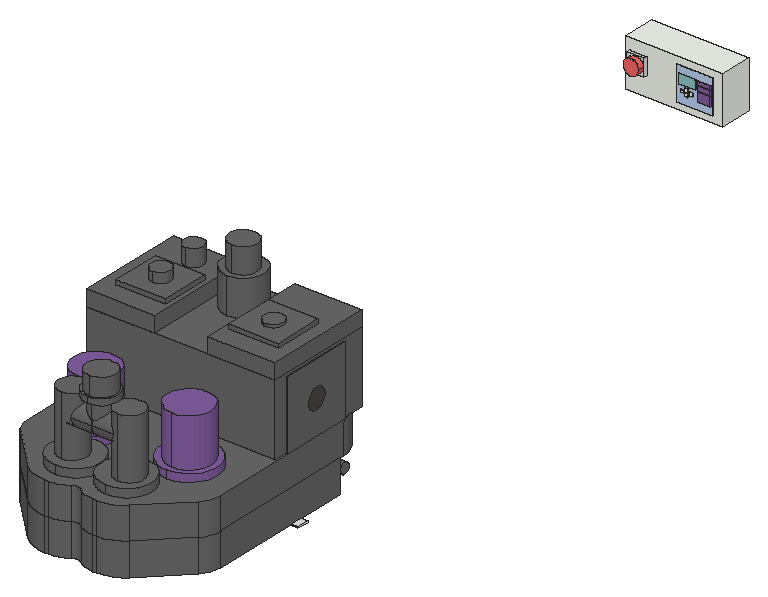
Revit family "11019", category Generic Models, Revit 2021
Family settings
  Can host rebar = No
  Round Connector Dimension = Use Diameter
  Part Type = Normal
  Work Plane-Based = No
  Always vertical = Yes
  Cut with Voids When Loaded = No
  Shared = Yes
  Room Calculation Point = No
Parameters (values of type "11019")
  SUPPLIER = "KESSEL"
  SA700ID49 = "Protection Class I"
  SA700ID48 = "no"
  SA700ID47 = "no"
  SA700ID46 = "yes"
  SA700ID37 = 8000 mm
  SA700ID34 = 40
  SA700ID33 = 1.4 W
  SA700ID32 = 97.13 kg
  SA700ID31 = 1
  SA700ID30 = 2
  SA700ID29 = "RWDR"
  SA700ID21 = 800
  SA700ID10 = "yes"
  SA700ID08 = 400 V
  PROCUREWEBLINK = "https://p.caden.as/kessel/11019"
  PROCURELINK = "p.caden.as/kessel/11019"
  PROCUREDATALASTUPDATE = "2024-05-22T12:18:06.762105526+01:00"
  PREVIEW = "../../_pool_/aa/90/11019.png"
  PRC_SPECIFICATIONLINK = "https://ausschreiben.de/catalog/kessel/catalogItem/d2c9b04f-5afa-486e-87af-fa0d90a2dfa4"
  NN = "Lifting station Aqualift F XL"
  NBSYN = "$SA810ID03."
  NB = "11019"
  Model = "11019"
  Manufacturer = "KESSEL"
  MIdent = "{$CADENAS_DATA/23d-libs/kessel/kessel_vdi_import/4/entwaesserung/hebeanlage20aqualift20f20xl.prj},201 {STYP=ASS},{VTYP=3D},{NB=11019},{LINA=11019},{NN=Lifting station Aqualift F XL},{DATE=21.11.2022 10:48:11},{GEOMDATE=21.11.2022 10:48:11},{VERSION=},{LINEID=140},{WBVAR=LODLEVEL},{WBNUMERIC=LODLEVEL}  {NB=11019},{LINA=11019},{KT=DUMMY},{PREVIEW=../../_pool_/aa/90/11019.png},{SA700ID04=Hebeanlage Aqualift F XL 200 l, Duo, SPF 1500-S3},{SA810ID06=04026092056868},{SA700ID34=40.00},{SA010ID03=201805},{SA810ID03=11019},{SA810ID10=Aqualift F XL 1500W-S3 Duo 200L o.S.KESSEL Aqualift F XL Hebeanlage für fäkalienhaltiges und fäkalienfreies Abwasser. Zur Aufstellung in frostgeschützten Räumen.Duoanlage mit zwei Pumpen des Typs SPF 1500-S3 Sammelbehälter aus Polyethylen, mit verschraubter Reinigungsöffnung,Anschlussstutzen für Zulauf von oben DN100/150.Inklusive Tauchrohr zur pneumatischen Niveauerfassung,Entlüftungsanschluss DN 70 und Anschluss für eine Handmembranpumpe DN 32.Behälter inklusive Haltewinkel zur Auftriebssicherung.Behältervolumen 200 Liter, max. Nutzvolumen bei Zulauf von oben ca. 120 Liter.Zwei seitliche und zwei rückseitige Anbohrflächen zur Montage weiterer Zuläufe bis DN 200 unter Verwendung von Durchgangsdichtungen.Inklusive KESSEL Schaltgerät Aqualift Comfort 400 V.Anwenderfreundliche Menüführung im mehrzeiligem Display. MitSelbstdiagnosesystem (SDS) und Erinnerungsfunktion für nächste Wartung.Anzeige der aktuellen Messwerte. Einfache Einstellung derfunktionsrelevanten Parameter, inklusive Betriebsstundenzähler und potentialfreiem Kontakt. Optionale Weiterleitung von Alarm- und Sammelstörmeldung über GSM Schnittstelle.Schaltgerät mit Volltextanzeige in sechs Sprachen.Abwasserpumpe(n) mit Freistromrad zur Förderung von fäkalienfreiem und fäkalienhaltigem Abwasser gemäß DIN EN 12050-1. Freier Kugeldurchgang mindestens 40 mm. Pumpe(n) überflutungssicher. Inklusive Rückflussverhinderer, mit Druckabgang aus Kunststoff DN 100. Ohne Absperrschieber.Pumpe(n) Typ SPF 1500-S3Fördermenge: max. 40 m³/hFörderhöhe: max. 8 mNennleistung (P2): 1,1 KW je PumpeAufnahmeleistung (P1): 1,4 KW je PumpeBetriebsspannung: 400 V DSNennfrequenz: 50 HzNennstrom: 2,7 AAbsicherung: 3 x 16 A trägeSchutzart (Pumpe): IP68 3mWS/48hSchutzart (Schaltgerät): IP 54Bertiebsart: S3 (50 % Einschaltdauer)Kabellänge: 5 mAußenmaße Anlage mit 200 Liter Behälter (BxTxH): 760 x 980 x 770 mmGewicht ca. 97,13 kg},{SA700ID37=8.00},{SA700ID33=1.40},{SA700ID08=400},{SA700ID30=2},{SA700ID32=97.13},{SA700ID49=Schutzklasse I},{SA700ID50=intern},{SA200ID03=6},{SA250ID03=vertikal},{SA260ID03=Trockenläuferpumpe},{SA350ID03=normalansaugend},{SA400ID03=E-Motor für Drehstrom},{SA460ID03=direkt},{SA500ID03=Kunststoff, Edelstahl},{SA700ID06=100},{SA700ID07=100},{SA700ID09=3/N/PE 400V},{SA700ID10=Ja},{SA700ID11=50},{SA700ID12=IP 68},{SA700ID13=F},{SA700ID15=40},{SA700ID21=800.00},{SA700ID22=1.10},{SA700ID23=1415},{SA700ID24=1415},{SA700ID26=2.70},{SA700ID27=21.00},{SA700ID28=durchgehend},{SA700ID29=RWDR},{SA700ID31=1},{SA700ID46=ja},{SA700ID47=nein},{SA700ID48=nein},{SA110ID04=Hebeanlage Aqualift F XL},{SA300ID03=einstufig},{SA700ID44=10.00},{SA700ID45=10.00},{SA010ID04=KESSEL AG},{LODLEVEL=200},{LINK=https://www.kessel.de/info?han=11019},{SA970ID01=970},{SA970ID02=7126},{SA970ID03=11019},{SA970ID04=11002617},{SA970ID05=QUAD},{SA970ID06=-410},{SA970ID07=-850},{SA970ID08=0},{SA970ID09=1},{SA970ID10=0},{SA970ID11=0},{SA970ID12=0},{SA970ID13=1},{SA970ID14=0},{SA970ID15=820},{SA970ID16=980},{SA970ID17=771},{LODLEVEL_=200,'Low'},{LODLEVEL_DEU=200,'Low'},{LINK_=https://www.kessel.de/info?han=11019},{LINK_DEU=https://www.kessel.de/info?han=11019},{LODLEVEL_3DB=11019_200},{DNIN1=100},{DNIN2=70},{DNIN4=10},{DNIN5=10},{DNIN6=50},{DNIN7=50},{DNIN8=50},{DNIN9=50},{DNOUT1=32},{DNOUT2=100},{DNOUT3=70},{ISD1=96},{ISD2=10},{ISDOUT1=40},{ISDOUT2=70},{ISDOUT3=MIN},{SA010ID01=010},{SA010ID02=4},{SA010ID06=www.kessel.de},{SA010ID07=www.kessel.de},{SA010ID12=20180713},{SA010ID13=DEU},{SA010ID14=DE},{SA100ID01=100},{SA100ID02=4},{SA100ID04=Entwässerung},{SA110ID01=110},{SA110ID02=6},{SA200ID01=200},{SA200ID02=6},{SA250ID01=250},{SA250ID02=2},{SA260ID01=260},{SA260ID02=2},{SA300ID01=300},{SA300ID02=1},{SA350ID01=350},{SA350ID02=1},{SA400ID01=400},{SA400ID02=2},{SA460ID01=460},{SA460ID02=1},{SA500ID01=500},{SA500ID02=1},{SA700ID01=700},{SA700ID02=44},{SA700ID10_=1},{SA700ID16=0},{SA700ID25=0},{SA700ID46_=1},{SA700ID47_=0},{SA700ID48_=0},{SA700ID49_=1},{SA700ID50_=2},{SA800ID01=800},{SA800ID02=8},{SA810ID01=810},{SA810ID02=44},{SA810ID04=11019},{SA810ID07=44},{SA810ID09=1},{SA810ID14=PCE},{SA810ID15=1},{SA810ID16=NMP},{SA960ID03=44},{SA960ID04=3L},{SA960ID08=https://www.kessel.de/info?han=11019},{SA010ID08=4026092000007},{SA100ID05=Hebeanlage},{SA110ID06=Hebeanlage}"
  LINK = "https://www.kessel.de/info?han=11019"
  LINA = "11019"
  Default Elevation = 0 mm
  CREATOR = "CADENAS GmbH"
  CATALOG = "KESSEL"
  BOMINFO = "LINA"
  ARTICLENO = "NB"
  4.810.00.9 Order quantity (multiplicator) = "1"
  4.810.00.7 Media- connection number = "44"
  4.810.00.6 GTIN number = "04026092056868"
  4.810.00.4 DATANORM number = "11019"
  4.810.00.3 Producer order number = "11019"
  4.710.03.7 Mass (net) = 97.13 kg
  4.710.03.6 Height = 788 mm
  4.710.03.5 Width = 760 mm
  4.710.03.4 Length = 980 mm
  4.710.03.3 Type of dimensions = "2"
  4.710.02.8 Area of application of wastewater pump = "1"
  4.710.02.7 Art des S2/S3-Betriebs = "50 %"
  4.710.02.6 Duty type = "S3"
  4.710.02.5 Cutting device = "0"
  4.710.02.4 Attached pump control = "1"
  4.710.02.3 Free passage = 40 mm
  4.710.01.6 Option to connect to building automation = "40"
  4.710.01.5 Load regulation = "0"
  4.710.01.4 Designation of closed-loop control = "120"
  4.710.01.3 Identifier for closed-loop control = "200"
  4.700.00.9 Voltage = 0
  4.700.00.8 Nominal connection size on suction side = "100"
  4.700.00.7 Nominal connection size on pressure side = "100"
  4.700.00.6 Type of connection = "100"
  4.700.00.4 Product indentification = "Hebeanlage Aqualift F XL 200 l, Duo, SPF 1500-S3"
  4.700.00.28 Motor pump shaft = "durchgehend"
  4.700.00.27 Starting current = 21
  4.700.00.26 Maximum power consumption per pump / drive = 2.7
  4.700.00.25 Minimum speed at internal speed adjustment = 0
  4.700.00.24 Nominal speed / maximum speed n = 23.5833
  4.700.00.23 Nominal speed of motor = 23.5833
  4.700.00.22 Maximum shaft output (P2) per pump/drive = 1.1 W
  4.700.00.16 Maximum temperature of pumped medium = 0 °C
  4.700.00.15 Increased safety class = "40 °C"
  4.700.00.13 Type of protection = "F"
  4.700.00.12 Frequency = 0
  4.700.00.11 Stern-/Dreieck-Anlaufschaltung bei Dreiphasenanschluss oder Drehstrom = "50 Hz"
  4.700.00.10 Phase = "1"
  4.500.00.3 Variant / Variant type / Accessories-name = "Kunststoff, Edelstahl"
  4.460.00.3 Variant / Variant type / Accessories-name = "direkt"
  4.400.00.3 Variant / Variant type / Accessories-name = "E-Motor für Drehstrom"
  4.350.00.3 Variant / Variant type / Accessories-name = "normalansaugend"
  4.300.00.3 Variant / Variant type / Accessories-name = "einstufig"
  4.260.00.3 Variant / Variant type / Accessories-name = "Trockenläuferpumpe"
  4.250.00.3 Variant / Variant type / Accessories-name = "vertikal"
  4.200.00.3 Variant / Variant type / Accessories-name = "6"
  4.110.00.6 Product classification = "Hebeanlage"
  4.110.00.4 Product indentification = "Hebeanlage Aqualift F XL"
  4.100.00.5 Main groups of wares = "Hebeanlage"
  4.100.00.4 Product indentification = "Entwässerung"
  4.010.00.8 Producer ID number = "4026092000007"
  4.010.00.7 Comment = "www.kessel.de"
  4.010.00.6 Web address of the manufacturer = "www.kessel.de"
  4.010.00.4 Manufacturer name = "KESSEL AG"
  4.010.00.3 Date of issuance (month) of guideline = "201805"
  4.010.00.2 Sheet number of the guideline = "4"
  4.010.00.14 Kennungen der Projektländer, für die die Datei gültig ist = "DE"
  4.010.00.13 Sprache der Datei = "DEU"
  4.010.00.12 Stand des Herstellerkatalogs = "20180713"
Reference planes
  plane 1 "Center (Front/Back)": y = 0
  plane 2: z = 0
  plane 3 "Center (Left/Right)": x = 0
Forms (mm)
  Extrusion 1, void
    sketch origin (380.5, -115, 392) x (0, -1, 0) y (0, 0, 1)
      loop
        line (-0.5, -0.5) -> (0.5, -0.5) -> (0.5, 0.5) -> (-0.5, 0.5) -> (-0.5, -0.5)
    from 0 to 1
  Extrusion 2, void
    sketch origin (160.15, 130.5, 392) x (1, 0, 0) y (0, 0, 1)
      loop
        line (-0.5, -0.5) -> (0.5, -0.5) -> (0.5, 0.5) -> (-0.5, 0.5) -> (-0.5, -0.5)
    from 0 to 1
  Extrusion 3, void
    sketch origin (-380.5, -115, 392) x (0, 1, 0) y (0, 0, 1)
      loop
        line (-0.5, -0.5) -> (0.5, -0.5) -> (0.5, 0.5) -> (-0.5, 0.5) -> (-0.5, -0.5)
    from 0 to 1
  Extrusion 4, void
    sketch origin (-161, 130.5, 392) x (1, 0, 0) y (0, 0, 1)
      loop
        line (-0.5, -0.5) -> (0.5, -0.5) -> (0.5, 0.5) -> (-0.5, 0.5) -> (-0.5, -0.5)
    from 0 to 1
Dimensions and locks
  locked: plane 2 to Extrusion 1 at 392.5
  locked: plane 2 to Extrusion 1 at 391.5
  locked: plane 2 to Extrusion 2 at 392.5
  locked: plane 2 to Extrusion 2 at 391.5
  locked: plane 2 to Extrusion 3 at 392.5
  locked: plane 2 to Extrusion 3 at 391.5
  locked: plane 2 to Extrusion 4 at 392.5
  locked: plane 2 to Extrusion 4 at 391.5
  aligned and locked: level to plane 2
Nested families
  nested 1: "11019_content" at (0, 0, 0), type "11019_Content"
  nested 2: "11019_part1_X0Y0" at (1000, 1000, 1200), type "11019_PART1_X0Y0"
  nested 3: "11019_part2_X0Y0" at (0, 0, 0), type "11019_PART2_X0Y0"
Connectors
  electrical at (861, 933, 1201.5)
    settings: on nested 2, index 1, voltage 0 V, apparent load 0 VA, apparent load phase1 0 VA, apparent load phase2 0 VA, apparent load phase3 0 VA, power factor 1, load classification "Other", number of poles 1, system type 31, power factor state 1, is connector primary yes, connector utility no, sub classification motor no, connector description ""
  piping at (0, 0, 771), diameter 100
    settings: on nested 3, index 2, connector inside diameter 609.6 mm, connector length 0 mm, flow factor 0, pipe flow 0.0 L/s, pressure drop 0.0 Pa, fitting loss kfactor 0, connector angle 0.00°, fixture units 0, engagement length 0 mm, angle of deflection 0.00°, flow configuration 0, flow direction 1, fitting loss method 2, system type 8, joint type 0, gender type 0, connector reference index -1, connector utility 0, adjustable connector no, is connector primary yes, connector description ""
  piping at (380.5, -115, 392), diameter 70
    settings: on Extrusion 1, index 3, connector inside diameter 609.6 mm, connector length 0 mm, flow factor 0, pipe flow 0.0 L/s, pressure drop 0.0 Pa, fitting loss kfactor 0, connector angle 0.00°, fixture units 0, engagement length 0 mm, angle of deflection 0.00°, flow configuration 0, flow direction 0, fitting loss method 2, system type 8, joint type 0, gender type 0, connector reference index -1, connector utility 0, adjustable connector no, is connector primary no, connector description ""
  piping at (160.15, 130.5, 392), diameter 70
    settings: on Extrusion 2, index 4, connector inside diameter 609.6 mm, connector length 0 mm, flow factor 0, pipe flow 0.0 L/s, pressure drop 0.0 Pa, fitting loss kfactor 0, connector angle 0.00°, fixture units 0, engagement length 0 mm, angle of deflection 0.00°, flow configuration 0, flow direction 0, fitting loss method 2, system type 8, joint type 0, gender type 0, connector reference index -1, connector utility 0, adjustable connector no, is connector primary no, connector description ""
  piping at (-380.5, -115, 392), diameter 70
    settings: on Extrusion 3, index 5, connector inside diameter 609.6 mm, connector length 0 mm, flow factor 0, pipe flow 0.0 L/s, pressure drop 0.0 Pa, fitting loss kfactor 0, connector angle 0.00°, fixture units 0, engagement length 0 mm, angle of deflection 0.00°, flow configuration 0, flow direction 0, fitting loss method 2, system type 8, joint type 0, gender type 0, connector reference index -1, connector utility 0, adjustable connector no, is connector primary no, connector description ""
  piping at (0, -700, 620), diameter 100
    settings: on nested 3, index 6, connector inside diameter 609.6 mm, connector length 0 mm, flow factor 0, pipe flow 0.0 L/s, pressure drop 0.0 Pa, fitting loss kfactor 0, connector angle 0.00°, fixture units 0, engagement length 0 mm, angle of deflection 0.00°, flow configuration 0, flow direction 2, fitting loss method 2, system type 7, joint type 0, gender type 0, connector reference index -1, connector utility 0, adjustable connector no, is connector primary no, connector description ""
  piping at (-225, 36, 661), diameter 70
    settings: on nested 3, index 7, connector inside diameter 609.6 mm, connector length 0 mm, flow factor 0, pipe flow 0.0 L/s, pressure drop 0.0 Pa, fitting loss kfactor 0, connector angle 0.00°, fixture units 0, engagement length 0 mm, angle of deflection 0.00°, flow configuration 0, flow direction 2, fitting loss method 2, system type 7, joint type 0, gender type 0, connector reference index -1, connector utility 0, adjustable connector no, is connector primary no, connector description ""
  piping at (354.5, 56, 60), diameter 70
    settings: on nested 3, index 8, connector inside diameter 609.6 mm, connector length 0 mm, flow factor 0, pipe flow 0.0 L/s, pressure drop 0.0 Pa, fitting loss kfactor 0, connector angle 0.00°, fixture units 0, engagement length 0 mm, angle of deflection 0.00°, flow configuration 0, flow direction 2, fitting loss method 2, system type 7, joint type 0, gender type 0, connector reference index -1, connector utility 0, adjustable connector no, is connector primary no, connector description ""
  piping at (-161, 130.5, 392), diameter 70
    settings: on Extrusion 4, index 9, connector inside diameter 609.6 mm, connector length 0 mm, flow factor 0, pipe flow 0.0 L/s, pressure drop 0.0 Pa, fitting loss kfactor 0, connector angle 0.00°, fixture units 0, engagement length 0 mm, angle of deflection 0.00°, flow configuration 0, flow direction 0, fitting loss method 2, system type 29, joint type 0, gender type 0, connector reference index -1, connector utility 0, adjustable connector no, is connector primary no, connector description ""
  electrical at (185, -497, 477)
    settings: on nested 3, index 10, voltage 0 V, apparent load 0 VA, apparent load phase1 0 VA, apparent load phase2 0 VA, apparent load phase3 0 VA, power factor 1, load classification "Other", number of poles 1, system type 31, power factor state 1, is connector primary no, connector utility no, sub classification motor no, connector description ""
  electrical at (-185, -496.75, 477)
    settings: on nested 3, index 11, voltage 0 V, apparent load 0 VA, apparent load phase1 0 VA, apparent load phase2 0 VA, apparent load phase3 0 VA, power factor 1, load classification "Other", number of poles 1, system type 31, power factor state 1, is connector primary no, connector utility no, sub classification motor no, connector description ""
  electrical at (-222.5, -129, 650)
    settings: on nested 3, index 12, voltage 0 V, apparent load 0 VA, apparent load phase1 0 VA, apparent load phase2 0 VA, apparent load phase3 0 VA, power factor 1, load classification "Other", number of poles 1, system type 31, power factor state 1, is connector primary no, connector utility no, sub classification motor no, connector description ""
Definition of nested family "11019_part1_X0Y0"
  Parameters (values of type "11019_PART1_X0Y0")
    SUPPLIER = "KESSEL"
    SA700ID49 = "Protection Class I"
    SA700ID48 = "no"
    SA700ID47 = "no"
    SA700ID46 = "yes"
    SA700ID37 = 8000 mm
    SA700ID34 = 40
    SA700ID33 = 1.4 W
    SA700ID32 = 97.13 kg
    SA700ID31 = 1
    SA700ID30 = 2
    SA700ID29 = "RWDR"
    SA700ID21 = 800
    SA700ID10 = "yes"
    SA700ID08 = 400 V
    PREVIEW = "../../_pool_/aa/90/11019.png"
    NBSYN = "$SA810ID03._PART1"
    NB = "11019_PART1"
    Model = "11019_PART1"
    Manufacturer = "KESSEL"
    MIdent = "{$CADENAS_DATA/23d-libs/kessel/kessel_vdi_import/4/entwaesserung/hebeanlage20aqualift20f20xl.prj},221 {VTYP=3D},{NB=11019_PART1},{LINA=11019_PART1},{NN=Lifting station Aqualift F XL_PART1},{NOPRJ=TRUE},{DATE=21.11.2022 10:48:11},{GEOMDATE=21.11.2022 10:48:11},{VERSION=},{LINEID=140},{WBVAR=LODLEVEL},{WBNUMERIC=LODLEVEL}  {NB=11019_PART1},{LINA=11019_PART1},{KT=DUMMY},{PREVIEW=../../_pool_/aa/90/11019.png},{SA700ID04=Hebeanlage Aqualift F XL 200 l, Duo, SPF 1500-S3},{SA810ID06=04026092056868},{SA700ID34=40.00},{SA010ID03=201805},{SA810ID03=11019},{SA810ID10=Aqualift F XL 1500W-S3 Duo 200L o.S.KESSEL Aqualift F XL Hebeanlage für fäkalienhaltiges und fäkalienfreies Abwasser. Zur Aufstellung in frostgeschützten Räumen.Duoanlage mit zwei Pumpen des Typs SPF 1500-S3 Sammelbehälter aus Polyethylen, mit verschraubter Reinigungsöffnung,Anschlussstutzen für Zulauf von oben DN100/150.Inklusive Tauchrohr zur pneumatischen Niveauerfassung,Entlüftungsanschluss DN 70 und Anschluss für eine Handmembranpumpe DN 32.Behälter inklusive Haltewinkel zur Auftriebssicherung.Behältervolumen 200 Liter, max. Nutzvolumen bei Zulauf von oben ca. 120 Liter.Zwei seitliche und zwei rückseitige Anbohrflächen zur Montage weiterer Zuläufe bis DN 200 unter Verwendung von Durchgangsdichtungen.Inklusive KESSEL Schaltgerät Aqualift Comfort 400 V.Anwenderfreundliche Menüführung im mehrzeiligem Display. MitSelbstdiagnosesystem (SDS) und Erinnerungsfunktion für nächste Wartung.Anzeige der aktuellen Messwerte. Einfache Einstellung derfunktionsrelevanten Parameter, inklusive Betriebsstundenzähler und potentialfreiem Kontakt. Optionale Weiterleitung von Alarm- und Sammelstörmeldung über GSM Schnittstelle.Schaltgerät mit Volltextanzeige in sechs Sprachen.Abwasserpumpe(n) mit Freistromrad zur Förderung von fäkalienfreiem und fäkalienhaltigem Abwasser gemäß DIN EN 12050-1. Freier Kugeldurchgang mindestens 40 mm. Pumpe(n) überflutungssicher. Inklusive Rückflussverhinderer, mit Druckabgang aus Kunststoff DN 100. Ohne Absperrschieber.Pumpe(n) Typ SPF 1500-S3Fördermenge: max. 40 m³/hFörderhöhe: max. 8 mNennleistung (P2): 1,1 KW je PumpeAufnahmeleistung (P1): 1,4 KW je PumpeBetriebsspannung: 400 V DSNennfrequenz: 50 HzNennstrom: 2,7 AAbsicherung: 3 x 16 A trägeSchutzart (Pumpe): IP68 3mWS/48hSchutzart (Schaltgerät): IP 54Bertiebsart: S3 (50 % Einschaltdauer)Kabellänge: 5 mAußenmaße Anlage mit 200 Liter Behälter (BxTxH): 760 x 980 x 770 mmGewicht ca. 97,13 kg},{SA700ID37=8.00},{SA700ID33=1.40},{SA700ID08=400},{SA700ID30=2},{SA700ID32=97.13},{SA700ID49=Schutzklasse I},{SA700ID50=intern},{SA200ID03=6},{SA250ID03=vertikal},{SA260ID03=Trockenläuferpumpe},{SA350ID03=normalansaugend},{SA400ID03=E-Motor für Drehstrom},{SA460ID03=direkt},{SA500ID03=Kunststoff, Edelstahl},{SA700ID06=100},{SA700ID07=100},{SA700ID09=3/N/PE 400V},{SA700ID10=Ja},{SA700ID11=50},{SA700ID12=IP 68},{SA700ID13=F},{SA700ID15=40},{SA700ID21=800.00},{SA700ID22=1.10},{SA700ID23=1415},{SA700ID24=1415},{SA700ID26=2.70},{SA700ID27=21.00},{SA700ID28=durchgehend},{SA700ID29=RWDR},{SA700ID31=1},{SA700ID46=ja},{SA700ID47=nein},{SA700ID48=nein},{SA110ID04=Hebeanlage Aqualift F XL},{SA300ID03=einstufig},{SA700ID44=10.00},{SA700ID45=10.00},{SA010ID04=KESSEL AG},{LODLEVEL=200},{LINK=https://www.kessel.de/info?han=11019},{SA970ID01=970},{SA970ID02=7126},{SA970ID03=11019},{SA970ID04=11002617},{SA970ID05=QUAD},{SA970ID06=-410},{SA970ID07=-850},{SA970ID08=0},{SA970ID09=1},{SA970ID10=0},{SA970ID11=0},{SA970ID12=0},{SA970ID13=1},{SA970ID14=0},{SA970ID15=820},{SA970ID16=980},{SA970ID17=771},{LODLEVEL_=200,'Low'},{LODLEVEL_DEU=200,'Low'},{LINK_=https://www.kessel.de/info?han=11019},{LINK_DEU=https://www.kessel.de/info?han=11019},{LODLEVEL_3DB=11019_200},{DNIN1=100},{DNIN2=70},{DNIN4=10},{DNIN5=10},{DNIN6=50},{DNIN7=50},{DNIN8=50},{DNIN9=50},{DNOUT1=32},{DNOUT2=100},{DNOUT3=70},{ISD1=96},{ISD2=10},{ISDOUT1=40},{ISDOUT2=70},{ISDOUT3=MIN},{SA010ID01=010},{SA010ID02=4},{SA010ID06=www.kessel.de},{SA010ID07=www.kessel.de},{SA010ID12=20180713},{SA010ID13=DEU},{SA010ID14=DE},{SA100ID01=100},{SA100ID02=4},{SA100ID04=Entwässerung},{SA110ID01=110},{SA110ID02=6},{SA200ID01=200},{SA200ID02=6},{SA250ID01=250},{SA250ID02=2},{SA260ID01=260},{SA260ID02=2},{SA300ID01=300},{SA300ID02=1},{SA350ID01=350},{SA350ID02=1},{SA400ID01=400},{SA400ID02=2},{SA460ID01=460},{SA460ID02=1},{SA500ID01=500},{SA500ID02=1},{SA700ID01=700},{SA700ID02=44},{SA700ID10_=1},{SA700ID16=0},{SA700ID25=0},{SA700ID46_=1},{SA700ID47_=0},{SA700ID48_=0},{SA700ID49_=1},{SA700ID50_=2},{SA800ID01=800},{SA800ID02=8},{SA810ID01=810},{SA810ID02=44},{SA810ID04=11019},{SA810ID07=44},{SA810ID09=1},{SA810ID14=PCE},{SA810ID15=1},{SA810ID16=NMP},{SA960ID03=44},{SA960ID04=3L},{SA960ID08=https://www.kessel.de/info?han=11019},{SA010ID08=4026092000007},{SA100ID05=Hebeanlage},{SA110ID06=Hebeanlage}"
    LINK = "https://www.kessel.de/info?han=11019"
    LINA = "11019_PART1"
    Default Elevation = 1219.2 mm
    CREATOR = "CADENAS GmbH"
    CATALOG = "KESSEL"
    BOMINFO = "LINA"
    ARTICLENO = "NB"
    4.810.00.9 Order quantity (multiplicator) = "1"
    4.810.00.7 Media- connection number = "44"
    4.810.00.6 GTIN number = "04026092056868"
    4.810.00.4 DATANORM number = "11019"
    4.810.00.3 Producer order number = "11019"
    4.710.03.7 Mass (net) = 97.13 kg
    4.710.03.6 Height = 788 mm
    4.710.03.5 Width = 760 mm
    4.710.03.4 Length = 980 mm
    4.710.03.3 Type of dimensions = "2"
    4.710.02.8 Area of application of wastewater pump = "1"
    4.710.02.7 Art des S2/S3-Betriebs = "50 %"
    4.710.02.6 Duty type = "S3"
    4.710.02.5 Cutting device = "0"
    4.710.02.4 Attached pump control = "1"
    4.710.02.3 Free passage = 40 mm
    4.710.01.6 Option to connect to building automation = "40"
    4.710.01.5 Load regulation = "0"
    4.710.01.4 Designation of closed-loop control = "120"
    4.710.01.3 Identifier for closed-loop control = "200"
    4.700.00.9 Voltage = 0
    4.700.00.8 Nominal connection size on suction side = "100"
    4.700.00.7 Nominal connection size on pressure side = "100"
    4.700.00.6 Type of connection = "100"
    4.700.00.4 Product indentification = "Hebeanlage Aqualift F XL 200 l, Duo, SPF 1500-S3"
    4.700.00.28 Motor pump shaft = "durchgehend"
    4.700.00.27 Starting current = 21
    4.700.00.26 Maximum power consumption per pump / drive = 2.7
    4.700.00.25 Minimum speed at internal speed adjustment = 0
    4.700.00.24 Nominal speed / maximum speed n = 23.5833
    4.700.00.23 Nominal speed of motor = 23.5833
    4.700.00.22 Maximum shaft output (P2) per pump/drive = 1.1 W
    4.700.00.16 Maximum temperature of pumped medium = 0 °C
    4.700.00.15 Increased safety class = "40 °C"
    4.700.00.13 Type of protection = "F"
    4.700.00.12 Frequency = 0
    4.700.00.11 Stern-/Dreieck-Anlaufschaltung bei Dreiphasenanschluss oder Drehstrom = "50 Hz"
    4.700.00.10 Phase = "1"
    4.500.00.3 Variant / Variant type / Accessories-name = "Kunststoff, Edelstahl"
    4.460.00.3 Variant / Variant type / Accessories-name = "direkt"
    4.400.00.3 Variant / Variant type / Accessories-name = "E-Motor für Drehstrom"
    4.350.00.3 Variant / Variant type / Accessories-name = "normalansaugend"
    4.300.00.3 Variant / Variant type / Accessories-name = "einstufig"
    4.260.00.3 Variant / Variant type / Accessories-name = "Trockenläuferpumpe"
    4.250.00.3 Variant / Variant type / Accessories-name = "vertikal"
    4.200.00.3 Variant / Variant type / Accessories-name = "6"
    4.110.00.6 Product classification = "Hebeanlage"
    4.110.00.4 Product indentification = "Hebeanlage Aqualift F XL"
    4.100.00.5 Main groups of wares = "Hebeanlage"
    4.100.00.4 Product indentification = "Entwässerung"
    4.010.00.8 Producer ID number = "4026092000007"
    4.010.00.7 Comment = "www.kessel.de"
    4.010.00.6 Web address of the manufacturer = "www.kessel.de"
    4.010.00.4 Manufacturer name = "KESSEL AG"
    4.010.00.3 Date of issuance (month) of guideline = "201805"
    4.010.00.2 Sheet number of the guideline = "4"
    4.010.00.14 Kennungen der Projektländer, für die die Datei gültig ist = "DE"
    4.010.00.13 Sprache der Datei = "DEU"
    4.010.00.12 Stand des Herstellerkatalogs = "20180713"
  Reference planes
    plane 1 "Center (Front/Back)": y = 0
    plane 2: z = 0
    plane 3 "Center (Left/Right)": x = 0
  Dimensions and locks
    aligned and locked: level to plane 2
  Nested families
    nested 1: "11019_part1_content" at (0, 0, 0), type "11019_PART1_Content"
  Definition of nested family "11019_part1_content"
    Parameters (values of type "11019_PART1_Content")
      SUPPLIER = "KESSEL"
      SA700ID49 = "Protection Class I"
      SA700ID48 = "no"
      SA700ID47 = "no"
      SA700ID46 = "yes"
      SA700ID37 = 8000 mm
      SA700ID34 = 40
      SA700ID33 = 1.4 W
      SA700ID32 = 97.13 kg
      SA700ID31 = 1
      SA700ID30 = 2
      SA700ID29 = "RWDR"
      SA700ID21 = 800
      SA700ID10 = "yes"
      SA700ID08 = 400 V
      PREVIEW = "../../_pool_/aa/90/11019.png"
      NBSYN = "$SA810ID03._PART1"
      NB = "11019_PART1"
      Model = "11019_PART1"
      Manufacturer = "KESSEL"
      LINK = "https://www.kessel.de/info?han=11019"
      LINA = "11019_PART1"
      Default Elevation = 1219.2 mm
      CREATOR = "CADENAS GmbH"
      CATALOG = "KESSEL"
      BOMINFO = "LINA"
      ARTICLENO = "NB"
      4.810.00.9 Order quantity (multiplicator) = "1"
      4.810.00.7 Media- connection number = "44"
      4.810.00.6 GTIN number = "04026092056868"
      4.810.00.4 DATANORM number = "11019"
      4.810.00.3 Producer order number = "11019"
      4.710.03.7 Mass (net) = 97.13 kg
      4.710.03.6 Height = 788 mm
      4.710.03.5 Width = 760 mm
      4.710.03.4 Length = 980 mm
      4.710.03.3 Type of dimensions = "2"
      4.710.02.8 Area of application of wastewater pump = "1"
      4.710.02.7 Art des S2/S3-Betriebs = "50 %"
      4.710.02.6 Duty type = "S3"
      4.710.02.5 Cutting device = "0"
      4.710.02.4 Attached pump control = "1"
      4.710.02.3 Free passage = 40 mm
      4.710.01.6 Option to connect to building automation = "40"
      4.710.01.5 Load regulation = "0"
      4.710.01.4 Designation of closed-loop control = "120"
      4.710.01.3 Identifier for closed-loop control = "200"
      4.700.00.9 Voltage = 0
      4.700.00.8 Nominal connection size on suction side = "100"
      4.700.00.7 Nominal connection size on pressure side = "100"
      4.700.00.6 Type of connection = "100"
      4.700.00.4 Product indentification = "Hebeanlage Aqualift F XL 200 l, Duo, SPF 1500-S3"
      4.700.00.28 Motor pump shaft = "durchgehend"
      4.700.00.27 Starting current = 21
      4.700.00.26 Maximum power consumption per pump / drive = 2.7
      4.700.00.25 Minimum speed at internal speed adjustment = 0
      4.700.00.24 Nominal speed / maximum speed n = 23.5833
      4.700.00.23 Nominal speed of motor = 23.5833
      4.700.00.22 Maximum shaft output (P2) per pump/drive = 1.1 W
      4.700.00.16 Maximum temperature of pumped medium = 0 °C
      4.700.00.15 Increased safety class = "40 °C"
      4.700.00.13 Type of protection = "F"
      4.700.00.12 Frequency = 0
      4.700.00.11 Stern-/Dreieck-Anlaufschaltung bei Dreiphasenanschluss oder Drehstrom = "50 Hz"
      4.700.00.10 Phase = "1"
      4.500.00.3 Variant / Variant type / Accessories-name = "Kunststoff, Edelstahl"
      4.460.00.3 Variant / Variant type / Accessories-name = "direkt"
      4.400.00.3 Variant / Variant type / Accessories-name = "E-Motor für Drehstrom"
      4.350.00.3 Variant / Variant type / Accessories-name = "normalansaugend"
      4.300.00.3 Variant / Variant type / Accessories-name = "einstufig"
      4.260.00.3 Variant / Variant type / Accessories-name = "Trockenläuferpumpe"
      4.250.00.3 Variant / Variant type / Accessories-name = "vertikal"
      4.200.00.3 Variant / Variant type / Accessories-name = "6"
      4.110.00.6 Product classification = "Hebeanlage"
      4.110.00.4 Product indentification = "Hebeanlage Aqualift F XL"
      4.100.00.5 Main groups of wares = "Hebeanlage"
      4.100.00.4 Product indentification = "Entwässerung"
      4.010.00.8 Producer ID number = "4026092000007"
      4.010.00.7 Comment = "www.kessel.de"
      4.010.00.6 Web address of the manufacturer = "www.kessel.de"
      4.010.00.4 Manufacturer name = "KESSEL AG"
      4.010.00.3 Date of issuance (month) of guideline = "201805"
      4.010.00.2 Sheet number of the guideline = "4"
      4.010.00.14 Kennungen der Projektländer, für die die Datei gültig ist = "DE"
      4.010.00.13 Sprache der Datei = "DEU"
      4.010.00.12 Stand des Herstellerkatalogs = "20180713"
    Reference planes
      plane 1 "Center (Front/Back)": y = 0
      plane 2: z = 0
      plane 3 "Center (Left/Right)": x = 0
    Forms (mm)
      Extrusion 1, solid, detail levels medium+fine
        sketch origin (189.25, -1.75, 0.2) x (0, -1, 0) y (0, 0, 1)
          loop
            line (0, 187.8) -> (0, 0) -> (127.75, 0) -> (127.75, 187.8) -> (0, 187.8)
        from 0 to 378.5
      Extrusion 2, solid, detail levels medium+fine
        sketch origin (-4, -67, 0) x (0, 1, 0) y (-1, 0, 0)
          loop
            circle (0, 0) r 12.5
        from 0 to 1.5
      Extrusion 3, solid, detail levels medium+fine
        sketch origin (150.8, -129.5, 26.5) x (0, -1, 0) y (0, 0, 1)
          loop
            line (-1.2, 134.8) -> (-1.2, 0) -> (0.25, 0) -> (0.25, 134.8) -> (-1.2, 134.8)
        from 0 to 139.9
      Extrusion 4, solid, detail levels medium+fine
        sketch origin (72.55, -129.75, 66) x (0, -1, 0) y (0, 0, 1)
          loop
            line (-1, 12) -> (-1, 0) -> (0.5, 0) -> (0.5, 12) -> (-1, 12)
        from 0 to 12
      Extrusion 5, solid, detail levels medium+fine
        sketch origin (84.45, -129.75, 93.4) x (0, -1, 0) y (0, 0, 1)
          loop
            line (-1, 37) -> (-1, 0) -> (0.5, 0) -> (0.5, 37) -> (-1, 37)
        from 0 to 66
      Extrusion 6, solid, detail levels medium+fine
        sketch origin (55.3, -129.75, 74) x (0, -1, 0) y (0, 0, 1)
          loop
            line (-1, 12) -> (-1, 0) -> (0.5, 0) -> (0.5, 12) -> (-1, 12)
        from 0 to 12
      Extrusion 7, solid, detail levels medium+fine
        sketch origin (143.3, -129.75, 94.4) x (0, -1, 0) y (0, 0, 1)
          loop
            line (0, 16) -> (0, 0) -> (1.75, 0) -> (1.75, 16) -> (0, 16)
        from 0 to 51
      Extrusion 8, solid, detail levels medium+fine
        sketch origin (143.3, -129.75, 54.4) x (0, -1, 0) y (0, 0, 1)
          loop
            line (0, 36) -> (0, 0) -> (1.75, 0) -> (1.75, 36) -> (0, 36)
        from 0 to 51
      Extrusion 9, solid, detail levels medium+fine
        sketch origin (55.3, -129.75, 57.5) x (0, -1, 0) y (0, 0, 1)
          loop
            line (-1, 12) -> (-1, 0) -> (0.5, 0) -> (0.5, 12) -> (-1, 12)
        from 0 to 12
      Extrusion 10, solid, detail levels medium+fine
        sketch origin (143.3, -129.75, 114.4) x (0, -1, 0) y (0, 0, 1)
          loop
            line (0, 16) -> (0, 0) -> (1.75, 0) -> (1.75, 16) -> (0, 16)
        from 0 to 51
      Extrusion 11, solid, detail levels medium+fine
        sketch origin (38.05, -129.75, 66) x (0, -1, 0) y (0, 0, 1)
          loop
            line (-1, 12) -> (-1, 0) -> (0.5, 0) -> (0.5, 12) -> (-1, 12)
        from 0 to 12
      Extrusion 12, solid, detail levels medium+fine
        sketch origin (47, -72, 0) x (0, 1, 0) y (-1, 0, 0)
          loop
            circle (0, 0) r 8
        from 0 to 1.5
      Extrusion 13, solid, detail levels medium+fine
        sketch origin (47, -42, 0) x (0, 1, 0) y (-1, 0, 0)
          loop
            circle (0, 0) r 5.25
        from 0 to 1.5
      Extrusion 14, solid, detail levels medium+fine
        sketch origin (77, -72, 0) x (0, 1, 0) y (-1, 0, 0)
          loop
            circle (0, 0) r 8
        from 0 to 1.5
      Extrusion 15, solid, detail levels medium+fine
        sketch origin (-94, -67, 0) x (0, 1, 0) y (-1, 0, 0)
          loop
            circle (0, 0) r 12.5
        from 0 to 1.5
      Extrusion 16, solid, detail levels medium+fine
        sketch origin (92, -42, 0) x (0, 1, 0) y (-1, 0, 0)
          loop
            circle (0, 0) r 8
        from 0 to 1.5
      Extrusion 17, solid, detail levels medium+fine
        sketch origin (107, -72, 0) x (0, 1, 0) y (-1, 0, 0)
          loop
            circle (0, 0) r 8
        from 0 to 1.5
      Extrusion 18, solid, detail levels medium+fine
        sketch origin (122, -42, 0) x (0, 1, 0) y (-1, 0, 0)
          loop
            circle (0, 0) r 8
        from 0 to 1.5
      Extrusion 19, solid, detail levels medium+fine
        sketch origin (-107.7, -129.5, 76.9) x (0, -1, 0) y (0, 0, 1)
          loop
            line (0, 67) -> (0, 0) -> (14, 0) -> (14, 67) -> (0, 67)
        from 0 to 67
      Extrusion 20, solid, detail levels medium+fine
        sketch origin (-141.2, -143.5, 110.4) x (1, 0, 0) y (0, 0, 1)
          loop
            circle (0, 0) r 30
        from 0 to 22
      Extrusion 21, solid, detail levels medium+fine
        sketch origin (127, -15, 0) x (0, 1, 0) y (-1, 0, 0)
          loop
            circle (0, 0) r 6
        from 0 to 1.5
      Extrusion 22, solid, detail levels medium+fine
        sketch origin (137, -72, 0) x (0, 1, 0) y (-1, 0, 0)
          loop
            circle (0, 0) r 8
        from 0 to 1.5
      Extrusion 23, solid, detail levels medium+fine
        sketch origin (-139, -67, 0) x (0, 1, 0) y (-1, 0, 0)
          loop
            circle (0, 0) r 12.5
        from 0 to 1.5
      Extrusion 24, solid, detail levels medium+fine
        sketch origin (152, -42, 0) x (0, 1, 0) y (-1, 0, 0)
          loop
            circle (0, 0) r 8
        from 0 to 1.5
      Extrusion 25, solid, detail levels coarse
        sketch origin (0, -83.625, 0) x (1, 0, 0) y (0, 1, 0)
          loop
            line (-189.25, -81.875) -> (189.25, -81.875) -> (189.25, 81.875) -> (-189.25, 81.875) -> (-189.25, -81.875)
        from 0 to 188
    Dimensions and locks
      aligned and locked: level to plane 2
Definition of nested family "11019_part2_X0Y0"
  Parameters (values of type "11019_PART2_X0Y0")
    SUPPLIER = "KESSEL"
    SA700ID49 = "Protection Class I"
    SA700ID48 = "no"
    SA700ID47 = "no"
    SA700ID46 = "yes"
    SA700ID37 = 8000 mm
    SA700ID34 = 40
    SA700ID33 = 1.4 W
    SA700ID32 = 97.13 kg
    SA700ID31 = 1
    SA700ID30 = 2
    SA700ID29 = "RWDR"
    SA700ID21 = 800
    SA700ID10 = "yes"
    SA700ID08 = 400 V
    PREVIEW = "../../_pool_/aa/90/11019.png"
    NBSYN = "$SA810ID03._PART2"
    NB = "11019_PART2"
    Model = "11019_PART2"
    Manufacturer = "KESSEL"
    MIdent = "{$CADENAS_DATA/23d-libs/kessel/kessel_vdi_import/4/entwaesserung/hebeanlage20aqualift20f20xl.prj},221 {VTYP=3D},{NB=11019_PART2},{LINA=11019_PART2},{NN=Lifting station Aqualift F XL_PART2},{NOPRJ=TRUE},{DATE=21.11.2022 10:48:11},{GEOMDATE=21.11.2022 10:48:11},{VERSION=},{LINEID=140},{WBVAR=LODLEVEL},{WBNUMERIC=LODLEVEL}  {NB=11019_PART2},{LINA=11019_PART2},{KT=DUMMY},{PREVIEW=../../_pool_/aa/90/11019.png},{SA700ID04=Hebeanlage Aqualift F XL 200 l, Duo, SPF 1500-S3},{SA810ID06=04026092056868},{SA700ID34=40.00},{SA010ID03=201805},{SA810ID03=11019},{SA810ID10=Aqualift F XL 1500W-S3 Duo 200L o.S.KESSEL Aqualift F XL Hebeanlage für fäkalienhaltiges und fäkalienfreies Abwasser. Zur Aufstellung in frostgeschützten Räumen.Duoanlage mit zwei Pumpen des Typs SPF 1500-S3 Sammelbehälter aus Polyethylen, mit verschraubter Reinigungsöffnung,Anschlussstutzen für Zulauf von oben DN100/150.Inklusive Tauchrohr zur pneumatischen Niveauerfassung,Entlüftungsanschluss DN 70 und Anschluss für eine Handmembranpumpe DN 32.Behälter inklusive Haltewinkel zur Auftriebssicherung.Behältervolumen 200 Liter, max. Nutzvolumen bei Zulauf von oben ca. 120 Liter.Zwei seitliche und zwei rückseitige Anbohrflächen zur Montage weiterer Zuläufe bis DN 200 unter Verwendung von Durchgangsdichtungen.Inklusive KESSEL Schaltgerät Aqualift Comfort 400 V.Anwenderfreundliche Menüführung im mehrzeiligem Display. MitSelbstdiagnosesystem (SDS) und Erinnerungsfunktion für nächste Wartung.Anzeige der aktuellen Messwerte. Einfache Einstellung derfunktionsrelevanten Parameter, inklusive Betriebsstundenzähler und potentialfreiem Kontakt. Optionale Weiterleitung von Alarm- und Sammelstörmeldung über GSM Schnittstelle.Schaltgerät mit Volltextanzeige in sechs Sprachen.Abwasserpumpe(n) mit Freistromrad zur Förderung von fäkalienfreiem und fäkalienhaltigem Abwasser gemäß DIN EN 12050-1. Freier Kugeldurchgang mindestens 40 mm. Pumpe(n) überflutungssicher. Inklusive Rückflussverhinderer, mit Druckabgang aus Kunststoff DN 100. Ohne Absperrschieber.Pumpe(n) Typ SPF 1500-S3Fördermenge: max. 40 m³/hFörderhöhe: max. 8 mNennleistung (P2): 1,1 KW je PumpeAufnahmeleistung (P1): 1,4 KW je PumpeBetriebsspannung: 400 V DSNennfrequenz: 50 HzNennstrom: 2,7 AAbsicherung: 3 x 16 A trägeSchutzart (Pumpe): IP68 3mWS/48hSchutzart (Schaltgerät): IP 54Bertiebsart: S3 (50 % Einschaltdauer)Kabellänge: 5 mAußenmaße Anlage mit 200 Liter Behälter (BxTxH): 760 x 980 x 770 mmGewicht ca. 97,13 kg},{SA700ID37=8.00},{SA700ID33=1.40},{SA700ID08=400},{SA700ID30=2},{SA700ID32=97.13},{SA700ID49=Schutzklasse I},{SA700ID50=intern},{SA200ID03=6},{SA250ID03=vertikal},{SA260ID03=Trockenläuferpumpe},{SA350ID03=normalansaugend},{SA400ID03=E-Motor für Drehstrom},{SA460ID03=direkt},{SA500ID03=Kunststoff, Edelstahl},{SA700ID06=100},{SA700ID07=100},{SA700ID09=3/N/PE 400V},{SA700ID10=Ja},{SA700ID11=50},{SA700ID12=IP 68},{SA700ID13=F},{SA700ID15=40},{SA700ID21=800.00},{SA700ID22=1.10},{SA700ID23=1415},{SA700ID24=1415},{SA700ID26=2.70},{SA700ID27=21.00},{SA700ID28=durchgehend},{SA700ID29=RWDR},{SA700ID31=1},{SA700ID46=ja},{SA700ID47=nein},{SA700ID48=nein},{SA110ID04=Hebeanlage Aqualift F XL},{SA300ID03=einstufig},{SA700ID44=10.00},{SA700ID45=10.00},{SA010ID04=KESSEL AG},{LODLEVEL=200},{LINK=https://www.kessel.de/info?han=11019},{SA970ID01=970},{SA970ID02=7126},{SA970ID03=11019},{SA970ID04=11002617},{SA970ID05=QUAD},{SA970ID06=-410},{SA970ID07=-850},{SA970ID08=0},{SA970ID09=1},{SA970ID10=0},{SA970ID11=0},{SA970ID12=0},{SA970ID13=1},{SA970ID14=0},{SA970ID15=820},{SA970ID16=980},{SA970ID17=771},{LODLEVEL_=200,'Low'},{LODLEVEL_DEU=200,'Low'},{LINK_=https://www.kessel.de/info?han=11019},{LINK_DEU=https://www.kessel.de/info?han=11019},{LODLEVEL_3DB=11019_200},{DNIN1=100},{DNIN2=70},{DNIN4=10},{DNIN5=10},{DNIN6=50},{DNIN7=50},{DNIN8=50},{DNIN9=50},{DNOUT1=32},{DNOUT2=100},{DNOUT3=70},{ISD1=96},{ISD2=10},{ISDOUT1=40},{ISDOUT2=70},{ISDOUT3=MIN},{SA010ID01=010},{SA010ID02=4},{SA010ID06=www.kessel.de},{SA010ID07=www.kessel.de},{SA010ID12=20180713},{SA010ID13=DEU},{SA010ID14=DE},{SA100ID01=100},{SA100ID02=4},{SA100ID04=Entwässerung},{SA110ID01=110},{SA110ID02=6},{SA200ID01=200},{SA200ID02=6},{SA250ID01=250},{SA250ID02=2},{SA260ID01=260},{SA260ID02=2},{SA300ID01=300},{SA300ID02=1},{SA350ID01=350},{SA350ID02=1},{SA400ID01=400},{SA400ID02=2},{SA460ID01=460},{SA460ID02=1},{SA500ID01=500},{SA500ID02=1},{SA700ID01=700},{SA700ID02=44},{SA700ID10_=1},{SA700ID16=0},{SA700ID25=0},{SA700ID46_=1},{SA700ID47_=0},{SA700ID48_=0},{SA700ID49_=1},{SA700ID50_=2},{SA800ID01=800},{SA800ID02=8},{SA810ID01=810},{SA810ID02=44},{SA810ID04=11019},{SA810ID07=44},{SA810ID09=1},{SA810ID14=PCE},{SA810ID15=1},{SA810ID16=NMP},{SA960ID03=44},{SA960ID04=3L},{SA960ID08=https://www.kessel.de/info?han=11019},{SA010ID08=4026092000007},{SA100ID05=Hebeanlage},{SA110ID06=Hebeanlage}"
    LINK = "https://www.kessel.de/info?han=11019"
    LINA = "11019_PART2"
    Default Elevation = 1219.2 mm
    CREATOR = "CADENAS GmbH"
    CATALOG = "KESSEL"
    BOMINFO = "LINA"
    ARTICLENO = "NB"
    4.810.00.9 Order quantity (multiplicator) = "1"
    4.810.00.7 Media- connection number = "44"
    4.810.00.6 GTIN number = "04026092056868"
    4.810.00.4 DATANORM number = "11019"
    4.810.00.3 Producer order number = "11019"
    4.710.03.7 Mass (net) = 97.13 kg
    4.710.03.6 Height = 788 mm
    4.710.03.5 Width = 760 mm
    4.710.03.4 Length = 980 mm
    4.710.03.3 Type of dimensions = "2"
    4.710.02.8 Area of application of wastewater pump = "1"
    4.710.02.7 Art des S2/S3-Betriebs = "50 %"
    4.710.02.6 Duty type = "S3"
    4.710.02.5 Cutting device = "0"
    4.710.02.4 Attached pump control = "1"
    4.710.02.3 Free passage = 40 mm
    4.710.01.6 Option to connect to building automation = "40"
    4.710.01.5 Load regulation = "0"
    4.710.01.4 Designation of closed-loop control = "120"
    4.710.01.3 Identifier for closed-loop control = "200"
    4.700.00.9 Voltage = 0
    4.700.00.8 Nominal connection size on suction side = "100"
    4.700.00.7 Nominal connection size on pressure side = "100"
    4.700.00.6 Type of connection = "100"
    4.700.00.4 Product indentification = "Hebeanlage Aqualift F XL 200 l, Duo, SPF 1500-S3"
    4.700.00.28 Motor pump shaft = "durchgehend"
    4.700.00.27 Starting current = 21
    4.700.00.26 Maximum power consumption per pump / drive = 2.7
    4.700.00.25 Minimum speed at internal speed adjustment = 0
    4.700.00.24 Nominal speed / maximum speed n = 23.5833
    4.700.00.23 Nominal speed of motor = 23.5833
    4.700.00.22 Maximum shaft output (P2) per pump/drive = 1.1 W
    4.700.00.16 Maximum temperature of pumped medium = 0 °C
    4.700.00.15 Increased safety class = "40 °C"
    4.700.00.13 Type of protection = "F"
    4.700.00.12 Frequency = 0
    4.700.00.11 Stern-/Dreieck-Anlaufschaltung bei Dreiphasenanschluss oder Drehstrom = "50 Hz"
    4.700.00.10 Phase = "1"
    4.500.00.3 Variant / Variant type / Accessories-name = "Kunststoff, Edelstahl"
    4.460.00.3 Variant / Variant type / Accessories-name = "direkt"
    4.400.00.3 Variant / Variant type / Accessories-name = "E-Motor für Drehstrom"
    4.350.00.3 Variant / Variant type / Accessories-name = "normalansaugend"
    4.300.00.3 Variant / Variant type / Accessories-name = "einstufig"
    4.260.00.3 Variant / Variant type / Accessories-name = "Trockenläuferpumpe"
    4.250.00.3 Variant / Variant type / Accessories-name = "vertikal"
    4.200.00.3 Variant / Variant type / Accessories-name = "6"
    4.110.00.6 Product classification = "Hebeanlage"
    4.110.00.4 Product indentification = "Hebeanlage Aqualift F XL"
    4.100.00.5 Main groups of wares = "Hebeanlage"
    4.100.00.4 Product indentification = "Entwässerung"
    4.010.00.8 Producer ID number = "4026092000007"
    4.010.00.7 Comment = "www.kessel.de"
    4.010.00.6 Web address of the manufacturer = "www.kessel.de"
    4.010.00.4 Manufacturer name = "KESSEL AG"
    4.010.00.3 Date of issuance (month) of guideline = "201805"
    4.010.00.2 Sheet number of the guideline = "4"
    4.010.00.14 Kennungen der Projektländer, für die die Datei gültig ist = "DE"
    4.010.00.13 Sprache der Datei = "DEU"
    4.010.00.12 Stand des Herstellerkatalogs = "20180713"
  Reference planes
    plane 1 "Center (Front/Back)": y = 0
    plane 2: z = 0
    plane 3 "Center (Left/Right)": x = 0
  Dimensions and locks
    aligned and locked: level to plane 2
  Nested families
    nested 1: "11019_part2_content" at (0, 0, 0), type "11019_PART2_Content"
  Definition of nested family "11019_part2_content"
    Parameters (values of type "11019_PART2_Content")
      SUPPLIER = "KESSEL"
      SA700ID49 = "Protection Class I"
      SA700ID48 = "no"
      SA700ID47 = "no"
      SA700ID46 = "yes"
      SA700ID37 = 8000 mm
      SA700ID34 = 40
      SA700ID33 = 1.4 W
      SA700ID32 = 97.13 kg
      SA700ID31 = 1
      SA700ID30 = 2
      SA700ID29 = "RWDR"
      SA700ID21 = 800
      SA700ID10 = "yes"
      SA700ID08 = 400 V
      PREVIEW = "../../_pool_/aa/90/11019.png"
      NBSYN = "$SA810ID03._PART2"
      NB = "11019_PART2"
      Model = "11019_PART2"
      Manufacturer = "KESSEL"
      LINK = "https://www.kessel.de/info?han=11019"
      LINA = "11019_PART2"
      Default Elevation = 1219.2 mm
      CREATOR = "CADENAS GmbH"
      CATALOG = "KESSEL"
      BOMINFO = "LINA"
      ARTICLENO = "NB"
      4.810.00.9 Order quantity (multiplicator) = "1"
      4.810.00.7 Media- connection number = "44"
      4.810.00.6 GTIN number = "04026092056868"
      4.810.00.4 DATANORM number = "11019"
      4.810.00.3 Producer order number = "11019"
      4.710.03.7 Mass (net) = 97.13 kg
      4.710.03.6 Height = 788 mm
      4.710.03.5 Width = 760 mm
      4.710.03.4 Length = 980 mm
      4.710.03.3 Type of dimensions = "2"
      4.710.02.8 Area of application of wastewater pump = "1"
      4.710.02.7 Art des S2/S3-Betriebs = "50 %"
      4.710.02.6 Duty type = "S3"
      4.710.02.5 Cutting device = "0"
      4.710.02.4 Attached pump control = "1"
      4.710.02.3 Free passage = 40 mm
      4.710.01.6 Option to connect to building automation = "40"
      4.710.01.5 Load regulation = "0"
      4.710.01.4 Designation of closed-loop control = "120"
      4.710.01.3 Identifier for closed-loop control = "200"
      4.700.00.9 Voltage = 0
      4.700.00.8 Nominal connection size on suction side = "100"
      4.700.00.7 Nominal connection size on pressure side = "100"
      4.700.00.6 Type of connection = "100"
      4.700.00.4 Product indentification = "Hebeanlage Aqualift F XL 200 l, Duo, SPF 1500-S3"
      4.700.00.28 Motor pump shaft = "durchgehend"
      4.700.00.27 Starting current = 21
      4.700.00.26 Maximum power consumption per pump / drive = 2.7
      4.700.00.25 Minimum speed at internal speed adjustment = 0
      4.700.00.24 Nominal speed / maximum speed n = 23.5833
      4.700.00.23 Nominal speed of motor = 23.5833
      4.700.00.22 Maximum shaft output (P2) per pump/drive = 1.1 W
      4.700.00.16 Maximum temperature of pumped medium = 0 °C
      4.700.00.15 Increased safety class = "40 °C"
      4.700.00.13 Type of protection = "F"
      4.700.00.12 Frequency = 0
      4.700.00.11 Stern-/Dreieck-Anlaufschaltung bei Dreiphasenanschluss oder Drehstrom = "50 Hz"
      4.700.00.10 Phase = "1"
      4.500.00.3 Variant / Variant type / Accessories-name = "Kunststoff, Edelstahl"
      4.460.00.3 Variant / Variant type / Accessories-name = "direkt"
      4.400.00.3 Variant / Variant type / Accessories-name = "E-Motor für Drehstrom"
      4.350.00.3 Variant / Variant type / Accessories-name = "normalansaugend"
      4.300.00.3 Variant / Variant type / Accessories-name = "einstufig"
      4.260.00.3 Variant / Variant type / Accessories-name = "Trockenläuferpumpe"
      4.250.00.3 Variant / Variant type / Accessories-name = "vertikal"
      4.200.00.3 Variant / Variant type / Accessories-name = "6"
      4.110.00.6 Product classification = "Hebeanlage"
      4.110.00.4 Product indentification = "Hebeanlage Aqualift F XL"
      4.100.00.5 Main groups of wares = "Hebeanlage"
      4.100.00.4 Product indentification = "Entwässerung"
      4.010.00.8 Producer ID number = "4026092000007"
      4.010.00.7 Comment = "www.kessel.de"
      4.010.00.6 Web address of the manufacturer = "www.kessel.de"
      4.010.00.4 Manufacturer name = "KESSEL AG"
      4.010.00.3 Date of issuance (month) of guideline = "201805"
      4.010.00.2 Sheet number of the guideline = "4"
      4.010.00.14 Kennungen der Projektländer, für die die Datei gültig ist = "DE"
      4.010.00.13 Sprache der Datei = "DEU"
      4.010.00.12 Stand des Herstellerkatalogs = "20180713"
    Reference planes
      plane 1 "Center (Front/Back)": y = 0
      plane 2: z = 0
      plane 3 "Center (Left/Right)": x = 0
    Forms (mm)
      Extrusion 1, solid, detail levels medium+fine
        sketch origin (0, -700, 130.5) x (1, 0, 0) y (0, 1, 0)
          loop
            arc (-379.67, 111.11) -> (-372.064, 72.826) -> (-350.38, 40.37) r 99.994
            line (-350.38, 40.37) -> (-201.01, -108.99)
            arc (-201.01, -108.99) -> (-155.599, -139.342) -> (-102.029, -150) r 139.954
            line (-102.029, -150) -> (-87.172, -150)
            arc (-87.172, -150) -> (-50.741, -143.793) -> (-18.421, -125.871) r 110.009
            arc (-18.421, -125.871) -> (0.33, -119.29) -> (19.081, -125.871) r 30.004
            arc (19.081, -125.871) -> (51.401, -143.793) -> (87.832, -150) r 110.009
            line (87.832, -150) -> (102.68, -150)
            arc (102.68, -150) -> (156.256, -139.343) -> (201.675, -108.995) r 140
            line (201.675, -108.995) -> (351.043, 40.373)
            arc (351.043, 40.373) -> (372.718, 72.813) -> (380.33, 111.079) r 99.994
            line (380.33, 111.079) -> (380.33, 721.05)
            arc (380.33, 721.05) -> (355.602, 786.915) -> (293.62, 820.2) r 100.014
            line (293.62, 820.2) -> (-292.95, 820.2)
            arc (-292.95, 820.2) -> (-354.938, 786.918) -> (-379.67, 721.05) r 100.011
            line (-379.67, 721.05) -> (-379.67, 111.11)
        from 0 to 125.5
      Extrusion 2, solid, detail levels medium+fine
        sketch origin (0, -700, 1) x (1, 0, 0) y (0, 1, 0)
          loop
            arc (-379.67, 111.11) -> (-372.064, 72.826) -> (-350.38, 40.37) r 99.994
            line (-350.38, 40.37) -> (-201.01, -108.99)
            arc (-201.01, -108.99) -> (-155.599, -139.342) -> (-102.029, -150) r 139.954
            line (-102.029, -150) -> (-87.172, -150)
            arc (-87.172, -150) -> (-50.741, -143.793) -> (-18.421, -125.871) r 110.009
            arc (-18.421, -125.871) -> (0.33, -119.29) -> (19.081, -125.871) r 30.004
            arc (19.081, -125.871) -> (51.401, -143.793) -> (87.832, -150) r 110.009
            line (87.832, -150) -> (102.68, -150)
            arc (102.68, -150) -> (156.256, -139.343) -> (201.675, -108.995) r 140
            line (201.675, -108.995) -> (351.043, 40.373)
            arc (351.043, 40.373) -> (372.718, 72.813) -> (380.33, 111.079) r 99.994
            line (380.33, 111.079) -> (380.33, 699.2) -> (271, 699.2) -> (271, 820.2) -> (-292.95, 820.2)
            arc (-292.95, 820.2) -> (-354.938, 786.918) -> (-379.67, 721.05) r 100.011
            line (-379.67, 721.05) -> (-379.67, 111.11)
        from 0 to 129.5
      Extrusion 3, solid, detail levels medium+fine
        sketch origin (185, -497, 256) x (0, 1, 0) y (-1, 0, 0)
          loop
            circle (0, 0) r 110
        from 0 to 30
      Extrusion 4, solid, detail levels medium+fine
        sketch origin (185, -497, 286) x (0, 1, 0) y (-1, 0, 0)
          loop
            circle (0, 0) r 86
        from 0 to 191
      Extrusion 5, solid, detail levels medium+fine
        sketch origin (100, -700, 256) x (0, 1, 0) y (-1, 0, 0)
          loop
            circle (0, 0) r 100
        from 0 to 32
      Extrusion 6, solid, detail levels medium+fine
        sketch origin (112, -700, 288) x (0, 1, 0) y (-1, 0, 0)
          loop
            circle (0, 0) r 56
        from 0 to 234
      Extrusion 7, solid, detail levels medium+fine
        sketch origin (0, -700, 440) x (0, 1, 0) y (0, 0, 1)
          loop
            circle (0, 0) r 48.5
        from 0 to 112
      Extrusion 8, solid, detail levels medium+fine
        sketch origin (0, -700, 440) x (0, 1, 0) y (-1, 0, 0)
          loop
            circle (0, 0) r 45
        from 0 to 87
      Extrusion 9, solid, detail levels medium+fine
        sketch origin (0, -700, 527) x (0, 1, 0) y (-1, 0, 0)
          loop
            circle (0, 0) r 67
        from 0 to 23
      Extrusion 10, solid, detail levels medium+fine
        sketch origin (0, -700, 550) x (0, 1, 0) y (-1, 0, 0)
          loop
            circle (0, 0) r 57
        from 0 to 70
      Extrusion 11, solid, detail levels medium+fine
        sketch origin (0, -700, 440) x (0, -1, 0) y (0, 0, 1)
          loop
            circle (0, 0) r 48.5
        from 0 to 112
      Extrusion 12, solid, detail levels medium+fine
        sketch origin (-112, -700, 288) x (0, -1, 0) y (1, 0, 0)
          loop
            circle (0, 0) r 56
        from 0 to 234
      Extrusion 13, solid, detail levels medium+fine
        sketch origin (-100, -700, 255) x (0, -1, 0) y (1, 0, 0)
          loop
            circle (0, 0) r 100.1
        from 0 to 33
      Extrusion 14, solid, detail levels medium+fine
        sketch origin (-185, -496.75, 256) x (0, 1, 0) y (-1, 0, 0)
          loop
            circle (0, 0) r 110
        from 0 to 30
      Extrusion 15, solid, detail levels medium+fine
        sketch origin (-185, -496.75, 286) x (0, 1, 0) y (-1, 0, 0)
          loop
            circle (0, 0) r 86
        from 0 to 191
      Extrusion 16, solid, detail levels medium+fine
        sketch origin (-370, -305.8, 256) x (0, 1, 0) y (0, 0, 1)
          loop
            line (0, 279) -> (0, 0) -> (425.8, 0) -> (425.8, 279) -> (0, 279)
        from 0 to 740
      Extrusion 17, solid, detail levels medium+fine
        sketch origin (0, 0, 535) x (0, 1, 0) y (-1, 0, 0)
          loop
            circle (0, 0) r 80
        from 0 to 140
      Extrusion 18, solid, detail levels medium+fine
        sketch origin (0, 0, 675) x (0, 1, 0) y (-1, 0, 0)
          loop
            circle (0, 0) r 55
        from 0 to 96
      Extrusion 19, solid, detail levels medium+fine
        sketch origin (19.12, 120, 161) x (0, 1, 0) y (0, 0, 1)
          loop
            line (0, 366.75) -> (0, 0) -> (10, 0) -> (10, 366.75) -> (0, 366.75)
        from 0 to 281.75
      Extrusion 20, solid, detail levels medium+fine
        sketch origin (160.15, 129, 392) x (1, 0, 0) y (0, 0, -1)
          loop
            circle (0, 0) r 40
        from 0 to 1.6
      Extrusion 21, solid, detail levels medium+fine
        sketch origin (-300.88, 120, 161) x (0, 1, 0) y (0, 0, 1)
          loop
            line (0, 366.75) -> (0, 0) -> (10, 0) -> (10, 366.75) -> (0, 366.75)
        from 0 to 281.75
      Extrusion 22, solid, detail levels medium+fine
        sketch origin (-161, 129, 392) x (1, 0, 0) y (0, 0, -1)
          loop
            circle (0, 0) r 40
        from 0 to 1.6
      Extrusion 23, solid, detail levels medium+fine
        sketch origin (-370, -305.8, 535) x (0, 1, 0) y (0, 0, 1)
          loop
            line (0, 61) -> (0, 0) -> (425.8, 0) -> (425.8, 61) -> (0, 61)
        from 0 to 265
      Extrusion 24, solid, detail levels medium+fine
        sketch origin (-320, -226.5, 596) x (0, 1, 0) y (0, 0, 1)
          loop
            line (0, 17) -> (0, 0) -> (195, 0) -> (195, 17) -> (0, 17)
        from 0 to 195
      Extrusion 25, solid, detail levels medium+fine
        sketch origin (-222.5, -129, 613) x (0, 1, 0) y (-1, 0, 0)
          loop
            circle (0, 0) r 38
        from 0 to 37
      Extrusion 26, solid, detail levels medium+fine
        sketch origin (-225, 36, 596) x (0, 1, 0) y (-1, 0, 0)
          loop
            circle (0, 0) r 37.5
        from 0 to 65
      Extrusion 27, solid, detail levels medium+fine
        sketch origin (105, -305.8, 535) x (0, 1, 0) y (0, 0, 1)
          loop
            line (0, 61) -> (0, 0) -> (425.8, 0) -> (425.8, 61) -> (0, 61)
        from 0 to 265
      Extrusion 28, solid, detail levels medium+fine
        sketch origin (125, -226.5, 596) x (0, 1, 0) y (0, 0, 1)
          loop
            line (0, 17) -> (0, 0) -> (195, 0) -> (195, 17) -> (0, 17)
        from 0 to 195
      Extrusion 29, solid, detail levels medium+fine
        sketch origin (222.5, -129, 613) x (0, 1, 0) y (-1, 0, 0)
          loop
            circle (0, 0) r 38
        from 0 to 10
      Extrusion 30, solid, detail levels medium+fine
        sketch origin (369.97, -255.75, 256) x (0, 1, 0) y (0, 0, 1)
          loop
            line (0, 271.75) -> (0, 0) -> (281.75, 0) -> (281.75, 271.75) -> (0, 271.75)
        from 0 to 10
      Extrusion 31, solid, detail levels medium+fine
        sketch origin (379, -115, 392) x (0, -1, 0) y (0, 0, -1)
          loop
            circle (0, 0) r 40
        from 0 to 1.6
      Extrusion 32, solid, detail levels medium+fine
        sketch origin (-379.97, -255.75, 256) x (0, 1, 0) y (0, 0, 1)
          loop
            line (0, 271.75) -> (0, 0) -> (281.75, 0) -> (281.75, 271.75) -> (0, 271.75)
        from 0 to 10
      Extrusion 33, solid, detail levels medium+fine
        sketch origin (-379, -115, 392) x (0, 1, 0) y (0, 0, -1)
          loop
            circle (0, 0) r 40
        from 0 to 1.6
      Extrusion 34, solid, detail levels medium+fine
        sketch origin (379.5, -242.5, 0) x (0, 1, 0) y (0, 0, 1)
          loop
            line (0, 5) -> (0, 0) -> (45, 0) -> (45, 5) -> (0, 5)
        from 0 to 30.5
      Extrusion 35, solid, detail levels medium+fine
        sketch origin (-410, -242.5, 0) x (0, 1, 0) y (0, 0, 1)
          loop
            line (0, 5) -> (0, 0) -> (45, 0) -> (45, 5) -> (0, 5)
        from 0 to 30.5
      Extrusion 36, solid, detail levels medium+fine
        sketch origin (271, 56, 60) x (0, 1, 0) y (0, 0, 1)
          loop
            circle (0, 0) r 20
        from 0 to 83.5
      Extrusion 37, solid, detail levels coarse
        sketch origin (0, -359.7, 0) x (1, 0, 0) y (0, 1, 0)
          loop
            line (-410, -490.3) -> (410, -490.3) -> (410, 490.3) -> (-410, 490.3) -> (-410, -490.3)
        from 0 to 771
    Dimensions and locks
      aligned and locked: level to plane 2
